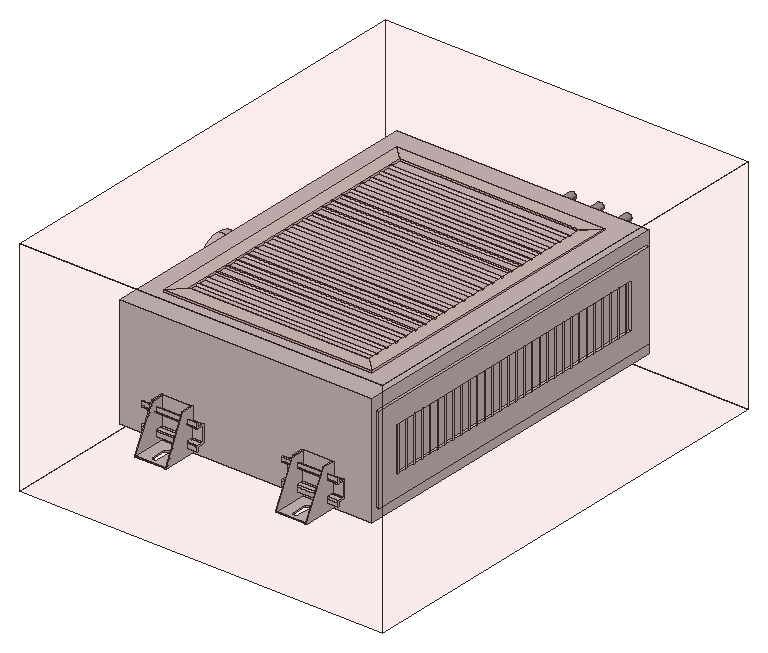
Revit family "York CB-ABB-YK - Horizontal Throw, Bulkhead Mounted Active Chilled Beam,Face Base, Revit 2015 R1.0", category Mechanical Equipment, host Face, Revit 2015 (continued)
Definition of nested family "Perforated Grille Plate"
  Dimensions and locks (in)
    "Dia Of Hole": diameter of Extrusion 30 sketch curve
    "Dia Of Hole": diameter of Extrusion 31 sketch curve
    "Dia Of Hole": diameter of Extrusion 32 sketch curve
    "Dia Of Hole": diameter of Extrusion 33 sketch curve
    "Dia Of Hole": diameter of Extrusion 34 sketch curve
    "Dia Of Hole": diameter of Extrusion 35 sketch curve
    "Dia Of Hole": diameter of Extrusion 36 sketch curve
    "Dia Of Hole": diameter of Extrusion 37 sketch curve
    "Dia Of Hole": diameter of Extrusion 38 sketch curve
    "Dia Of Hole": diameter of Extrusion 39 sketch curve
    "Dia Of Hole": diameter of Extrusion 40 sketch curve
    "Dia Of Hole": diameter of Extrusion 41 sketch curve
    "Dia Of Hole": diameter of Extrusion 42 sketch curve
    "Dia Of Hole": diameter of Extrusion 43 sketch curve
    "Dia Of Hole": diameter of Extrusion 44 sketch curve
    "Dia Of Hole": diameter of Extrusion 45 sketch curve
    "Dia Of Hole": diameter of Extrusion 46 sketch curve
    "Dia Of Hole": diameter of Extrusion 47 sketch curve
    "Dia Of Hole": diameter of Extrusion 48 sketch curve
    "Dia Of Hole": diameter of Extrusion 49 sketch curve
    "Dia Of Hole": diameter of Extrusion 50 sketch curve
    "Dia Of Hole": diameter of Extrusion 51 sketch curve
    "Dia Of Hole": diameter of Extrusion 52 sketch curve
    "Dia Of Hole": diameter of Extrusion 53 sketch curve
    "Dia Of Hole": diameter of Extrusion 54 sketch curve
    "Dia Of Hole": diameter of Extrusion 55 sketch curve
    "Dia Of Hole": diameter of Extrusion 56 sketch curve
    "Dia Of Hole": diameter of Extrusion 57 sketch curve
    "Dia Of Hole": diameter of Extrusion 58 sketch curve
    "Dia Of Hole": diameter of Extrusion 59 sketch curve
    "Dia Of Hole": diameter of Extrusion 60 sketch curve
    "Dia Of Hole": diameter of Extrusion 61 sketch curve
    "Dia Of Hole": diameter of Extrusion 62 sketch curve
    "Dia Of Hole": diameter of Extrusion 63 sketch curve
    "Dia Of Hole": diameter of Extrusion 64 sketch curve
    "Dia Of Hole": diameter of Extrusion 65 sketch curve
    "Dia Of Hole": diameter of Extrusion 66 sketch curve
    "Dia Of Hole": diameter of Extrusion 67 sketch curve
    "Dia Of Hole": diameter of Extrusion 68 sketch curve
    "Dia Of Hole": diameter of Extrusion 69 sketch curve
    "Dia Of Hole": diameter of Extrusion 70 sketch curve
    "Dia Of Hole": diameter of Extrusion 71 sketch curve
    "Dia Of Hole": diameter of Extrusion 72 sketch curve
    "Dia Of Hole": diameter of Extrusion 73 sketch curve
    "Dia Of Hole": diameter of Extrusion 74 sketch curve
    "Dia Of Hole": diameter of Extrusion 75 sketch curve
    "Dia Of Hole": diameter of Extrusion 76 sketch curve
    "Dia Of Hole": diameter of Extrusion 77 sketch curve
    "Dia Of Hole": diameter of Extrusion 78 sketch curve
    "Dia Of Hole": diameter of Extrusion 79 sketch curve
    "Dia Of Hole": diameter of Extrusion 80 sketch curve
    "Dia Of Hole": diameter of Extrusion 81 sketch curve
    "Dia Of Hole": diameter of Extrusion 82 sketch curve
    "Dia Of Hole": diameter of Extrusion 83 sketch curve
    "Dia Of Hole": diameter of Extrusion 84 sketch curve
    "Dia Of Hole": diameter of Extrusion 85 sketch curve
    "Dia Of Hole": diameter of Extrusion 86 sketch curve
    "Dia Of Hole": diameter of Extrusion 87 sketch curve
    "Dia Of Hole": diameter of Extrusion 88 sketch curve
    "Dia Of Hole": diameter of Extrusion 89 sketch curve
    "Dia Of Hole": diameter of Extrusion 90 sketch curve
    "Dia Of Hole": diameter of Extrusion 91 sketch curve
    "Dia Of Hole": diameter of Extrusion 92 sketch curve
    "Dia Of Hole": diameter of Extrusion 93 sketch curve
    aligned and locked: plane 2 to level
    aligned and locked: plane 5 to Extrusion 2 sketch curve
    aligned and locked: plane 4 to Extrusion 2 sketch curve
    aligned and locked: Extrusion 1 to Extrusion 2
    aligned and locked: Extrusion 2 to level
    aligned and locked: plane 8 to Extrusion 5 sketch curve  (x10)
    aligned and locked: plane 9 to Extrusion 6 sketch curve
    aligned and locked: plane 4 to Extrusion 6 sketch curve
    aligned and locked: plane 9 to Extrusion 7 sketch curve
    aligned and locked: plane 6 to Extrusion 7 sketch curve
    aligned and locked: plane 5 to Extrusion 3 sketch curve
    aligned and locked: plane 6 to Extrusion 3 sketch curve
    aligned and locked: plane 5 to Extrusion 4 sketch curve
    aligned and locked: plane 7 to Extrusion 4 sketch curve
    aligned and locked: plane 9 to Extrusion 8 sketch curve
    aligned and locked: plane 7 to Extrusion 8 sketch curve
    aligned and locked: plane 11 to cut or joined group 1 (Extrusion 1, Extrusion 2, Extrusion 3, Extrusion 4, Extrusion 5, Extrusion 6, Extrusion 7, Extrusion 8, Extrusion 9, Extrusion 10, Extrusion 11, Extrusion 12, Extrusion 13, Extrusion 14, Extrusion 15, Extrusion 16, Extrusion 17, Extrusion 18, Extrusion 19, Extrusion 20, Extrusion 21, Extrusion 22, Extrusion 23, Extrusion 24, Extrusion 25, Extrusion 26, Extrusion 27, Extrusion 28, Extrusion 29, Extrusion 30, Extrusion 31, Extrusion 32, Extrusion 33, Extrusion 34, Extrusion 35, Extrusion 36, Extrusion 37, Extrusion 38, Extrusion 39, Extrusion 40, Extrusion 41, Extrusion 42, Extrusion 43, Extrusion 44, Extrusion 45, Extrusion 46, Extrusion 47, Extrusion 48, Extrusion 49, Extrusion 50, Extrusion 51, Extrusion 52, Extrusion 53, Extrusion 54, Extrusion 55, Extrusion 56, Extrusion 57, Extrusion 58, Extrusion 59, Extrusion 60, Extrusion 61, Extrusion 62, Extrusion 63, Extrusion 64, Extrusion 65, Extrusion 66, Extrusion 67, Extrusion 68, Extrusion 69, Extrusion 70, Extrusion 71, Extrusion 72, Extrusion 73, Extrusion 74, Extrusion 75, Extrusion 76, Extrusion 77, Extrusion 78, Extrusion 79, Extrusion 80, Extrusion 81, Extrusion 82, Extrusion 83, Extrusion 84, Extrusion 85, Extrusion 86, Extrusion 87, Extrusion 88, Extrusion 89, Extrusion 90, Extrusion 91, Extrusion 92, Extrusion 93)
    aligned and locked: plane 12 to cut or joined group 1
    aligned and locked: plane 13 to cut or joined group 1
    aligned and locked: cut or joined group 1 to plane 14
    aligned and locked: plane 5 to Extrusion 9 sketch curve
    aligned and locked: plane 15 to Extrusion 9 sketch curve
    aligned and locked: plane 5 to Extrusion 10 sketch curve
    aligned and locked: plane 16 to Extrusion 10 sketch curve
    aligned and locked: plane 9 to Extrusion 11 sketch curve
    aligned and locked: plane 15 to Extrusion 11 sketch curve
    aligned and locked: plane 9 to Extrusion 12 sketch curve
    aligned and locked: plane 16 to Extrusion 12 sketch curve
    aligned and locked: plane 17 to Extrusion 17 sketch curve
    aligned and locked: plane 16 to Extrusion 17 sketch curve
    aligned and locked: plane 17 to Extrusion 16 sketch curve
    aligned and locked: plane 15 to Extrusion 16 sketch curve
    aligned and locked: plane 17 to Extrusion 15 sketch curve
    aligned and locked: plane 7 to Extrusion 15 sketch curve
    aligned and locked: plane 17 to Extrusion 14 sketch curve
    aligned and locked: plane 6 to Extrusion 14 sketch curve
    aligned and locked: plane 17 to Extrusion 13 sketch curve
    aligned and locked: plane 4 to Extrusion 13 sketch curve
    aligned and locked: plane 23 to plane 1 "Center (Front/Back)"
    aligned and locked: plane 3 "Center (Left/Right)" to plane 21
    aligned and locked: plane 19 to Extrusion 18 sketch curve
    aligned and locked: plane 20 to Extrusion 18 sketch curve
    aligned and locked: plane 19 to Extrusion 19 sketch curve
    aligned and locked: plane 21 to Extrusion 19 sketch curve
    aligned and locked: plane 25 to Extrusion 29 sketch curve
    aligned and locked: plane 19 to Extrusion 29 sketch curve
    aligned and locked: plane 22 to Extrusion 30 sketch curve
    aligned and locked: plane 22 to Extrusion 22 sketch curve
    aligned and locked: plane 22 to Extrusion 21 sketch curve
    aligned and locked: plane 22 to Extrusion 20 sketch curve
    aligned and locked: plane 23 to Extrusion 23 sketch curve
    aligned and locked: plane 18 to Extrusion 23 sketch curve
    aligned and locked: plane 23 to Extrusion 24 sketch curve
    aligned and locked: plane 20 to Extrusion 24 sketch curve
    aligned and locked: plane 23 to Extrusion 25 sketch curve
    aligned and locked: plane 21 to Extrusion 25 sketch curve
    aligned and locked: plane 23 to Extrusion 31 sketch curve
    aligned and locked: plane 25 to Extrusion 31 sketch curve
    aligned and locked: plane 23 to Extrusion 32 sketch curve
    aligned and locked: plane 26 to Extrusion 32 sketch curve
    aligned and locked: plane 24 to Extrusion 33 sketch curve
    aligned and locked: plane 24 to Extrusion 28 sketch curve
    aligned and locked: plane 24 to Extrusion 27 sketch curve
    aligned and locked: plane 24 to Extrusion 26 sketch curve
    aligned and locked: plane 20 to Extrusion 34 sketch curve
    aligned and locked: plane 27 to Extrusion 34 sketch curve
    aligned and locked: plane 27 to Extrusion 35 sketch curve
    aligned and locked: plane 21 to Extrusion 35 sketch curve
    aligned and locked: plane 27 to Extrusion 36 sketch curve
    aligned and locked: plane 25 to Extrusion 36 sketch curve
    aligned and locked: plane 5 to Extrusion 37 sketch curve
    aligned and locked: plane 28 to Extrusion 37 sketch curve
    aligned and locked: plane 9 to Extrusion 38 sketch curve
    aligned and locked: plane 28 to Extrusion 38 sketch curve
    aligned and locked: plane 17 to Extrusion 39 sketch curve
    aligned and locked: plane 28 to Extrusion 39 sketch curve
    aligned and locked: Extrusion 32 to level
    aligned and locked: Extrusion 36 to level
    aligned and locked: Extrusion 33 to level
    aligned and locked: Extrusion 31 to level
    aligned and locked: Extrusion 30 to level
    aligned and locked: Extrusion 29 to level
    aligned and locked: Extrusion 35 to level
    aligned and locked: Extrusion 28 to level
    aligned and locked: Extrusion 25 to level
    aligned and locked: Extrusion 22 to level
    aligned and locked: Extrusion 19 to level
    aligned and locked: Extrusion 34 to level
    aligned and locked: Extrusion 27 to level
    aligned and locked: Extrusion 24 to level
    aligned and locked: Extrusion 21 to level
    aligned and locked: Extrusion 18 to level
    aligned and locked: Extrusion 26 to level
    aligned and locked: Extrusion 23 to level
    aligned and locked: Extrusion 20 to level
    aligned and locked: Extrusion 39 to level
    aligned and locked: Extrusion 38 to level
    aligned and locked: Extrusion 37 to level
    aligned and locked: Extrusion 17 to level
    aligned and locked: Extrusion 12 to level
    aligned and locked: Extrusion 10 to level
    aligned and locked: Extrusion 16 to level
    aligned and locked: Extrusion 11 to level
    aligned and locked: Extrusion 9 to level
    aligned and locked: Extrusion 15 to level
    aligned and locked: Extrusion 8 to level
    aligned and locked: Extrusion 4 to level
    aligned and locked: Extrusion 14 to level
    aligned and locked: Extrusion 7 to level
    aligned and locked: Extrusion 3 to level
    aligned and locked: Extrusion 6 to level
    aligned and locked: Extrusion 5 to level
    aligned and locked: plane 4 to Extrusion 40 sketch curve
    aligned and locked: plane 31 to Extrusion 40 sketch curve
    aligned and locked: plane 6 to Extrusion 41 sketch curve
    aligned and locked: plane 31 to Extrusion 41 sketch curve
    aligned and locked: plane 7 to Extrusion 42 sketch curve
    aligned and locked: plane 31 to Extrusion 42 sketch curve
    aligned and locked: plane 15 to Extrusion 46 sketch curve
    aligned and locked: plane 31 to Extrusion 46 sketch curve
    aligned and locked: plane 31 to Extrusion 47 sketch curve
    aligned and locked: plane 16 to Extrusion 47 sketch curve
    aligned and locked: plane 31 to Extrusion 55 sketch curve
    aligned and locked: plane 28 to Extrusion 55 sketch curve
    aligned and locked: plane 33 to Extrusion 43 sketch curve
    aligned and locked: plane 4 to Extrusion 43 sketch curve
    aligned and locked: plane 6 to Extrusion 44 sketch curve
    aligned and locked: plane 33 to Extrusion 44 sketch curve
    aligned and locked: plane 33 to Extrusion 45 sketch curve
    aligned and locked: plane 7 to Extrusion 45 sketch curve
    aligned and locked: plane 15 to Extrusion 48 sketch curve
    aligned and locked: plane 33 to Extrusion 48 sketch curve
    aligned and locked: plane 16 to Extrusion 49 sketch curve
    aligned and locked: plane 33 to Extrusion 49 sketch curve
    aligned and locked: plane 33 to Extrusion 56 sketch curve
    aligned and locked: plane 28 to Extrusion 56 sketch curve
    aligned and locked: plane 35 to Extrusion 50 sketch curve
    aligned and locked: plane 4 to Extrusion 50 sketch curve
    aligned and locked: plane 35 to Extrusion 51 sketch curve
    aligned and locked: plane 6 to Extrusion 51 sketch curve
    aligned and locked: plane 7 to Extrusion 52 sketch curve
    aligned and locked: plane 35 to Extrusion 52 sketch curve
    aligned and locked: plane 15 to Extrusion 53 sketch curve
    aligned and locked: plane 35 to Extrusion 53 sketch curve
    aligned and locked: plane 16 to Extrusion 54 sketch curve
    aligned and locked: plane 35 to Extrusion 54 sketch curve
    aligned and locked: plane 35 to Extrusion 57 sketch curve
    aligned and locked: plane 28 to Extrusion 57 sketch curve
    aligned and locked: plane 36 to Extrusion 58 sketch curve
    aligned and locked: plane 36 to Extrusion 61 sketch curve
    aligned and locked: plane 37 to Extrusion 62 sketch curve
    aligned and locked: plane 37 to Extrusion 59 sketch curve
    aligned and locked: plane 38 to Extrusion 60 sketch curve
    aligned and locked: plane 38 to Extrusion 63 sketch curve
    aligned and locked: plane 39 to Extrusion 64 sketch curve
    aligned and locked: plane 40 to Extrusion 65 sketch curve
    aligned and locked: plane 39 to Extrusion 66 sketch curve
    aligned and locked: plane 40 to Extrusion 67 sketch curve
    aligned and locked: plane 40 to Extrusion 72 sketch curve
    aligned and locked: plane 39 to Extrusion 71 sketch curve
    aligned and locked: plane 38 to Extrusion 70 sketch curve
    aligned and locked: plane 37 to Extrusion 69 sketch curve
    aligned and locked: plane 36 to Extrusion 68 sketch curve
    aligned and locked: plane 41 to Extrusion 73 sketch curve
    aligned and locked: plane 41 to Extrusion 74 sketch curve
    aligned and locked: plane 41 to Extrusion 75 sketch curve
    aligned and locked: plane 36 to Extrusion 76 sketch curve
    aligned and locked: plane 37 to Extrusion 77 sketch curve
    aligned and locked: plane 38 to Extrusion 78 sketch curve
    aligned and locked: plane 39 to Extrusion 82 sketch curve
    aligned and locked: plane 40 to Extrusion 83 sketch curve
    aligned and locked: plane 41 to Extrusion 91 sketch curve
    aligned and locked: plane 36 to Extrusion 79 sketch curve
    aligned and locked: plane 37 to Extrusion 80 sketch curve
    aligned and locked: plane 38 to Extrusion 81 sketch curve
    aligned and locked: plane 39 to Extrusion 84 sketch curve
    aligned and locked: plane 40 to Extrusion 85 sketch curve
    aligned and locked: plane 41 to Extrusion 92 sketch curve
    aligned and locked: plane 36 to Extrusion 86 sketch curve
    aligned and locked: plane 37 to Extrusion 87 sketch curve
    aligned and locked: plane 38 to Extrusion 88 sketch curve
    aligned and locked: plane 39 to Extrusion 89 sketch curve
    aligned and locked: plane 40 to Extrusion 90 sketch curve
    aligned and locked: plane 41 to Extrusion 93 sketch curve
    aligned and locked: plane 5 to Extrusion 58 sketch curve
    aligned and locked: plane 5 to Extrusion 59 sketch curve
    aligned and locked: plane 5 to Extrusion 60 sketch curve
    aligned and locked: plane 5 to Extrusion 64 sketch curve
    aligned and locked: plane 5 to Extrusion 65 sketch curve
    aligned and locked: plane 5 to Extrusion 73 sketch curve
    aligned and locked: plane 9 to Extrusion 61 sketch curve
    aligned and locked: plane 9 to Extrusion 62 sketch curve
    aligned and locked: plane 9 to Extrusion 63 sketch curve
    aligned and locked: plane 9 to Extrusion 66 sketch curve
    aligned and locked: plane 9 to Extrusion 67 sketch curve
    aligned and locked: plane 9 to Extrusion 74 sketch curve
    aligned and locked: plane 17 to Extrusion 68 sketch curve
    aligned and locked: plane 17 to Extrusion 69 sketch curve
    aligned and locked: plane 17 to Extrusion 70 sketch curve
    aligned and locked: plane 17 to Extrusion 71 sketch curve
    aligned and locked: plane 17 to Extrusion 72 sketch curve
    aligned and locked: plane 17 to Extrusion 75 sketch curve
    aligned and locked: plane 31 to Extrusion 91 sketch curve
    aligned and locked: plane 31 to Extrusion 83 sketch curve
    aligned and locked: plane 31 to Extrusion 82 sketch curve
    aligned and locked: plane 31 to Extrusion 78 sketch curve
    aligned and locked: plane 31 to Extrusion 77 sketch curve
    aligned and locked: plane 31 to Extrusion 76 sketch curve
    aligned and locked: plane 33 to Extrusion 92 sketch curve
    aligned and locked: plane 33 to Extrusion 85 sketch curve
    aligned and locked: plane 33 to Extrusion 84 sketch curve
    aligned and locked: plane 33 to Extrusion 81 sketch curve
    aligned and locked: plane 33 to Extrusion 80 sketch curve
    aligned and locked: plane 33 to Extrusion 79 sketch curve
    aligned and locked: plane 35 to Extrusion 93 sketch curve
    aligned and locked: plane 35 to Extrusion 90 sketch curve
    aligned and locked: plane 35 to Extrusion 89 sketch curve
    aligned and locked: plane 35 to Extrusion 88 sketch curve
    aligned and locked: plane 35 to Extrusion 87 sketch curve
    aligned and locked: plane 35 to Extrusion 86 sketch curve
    aligned and locked: plane 42 to Extrusion 5 sketch curve  (x4)
    aligned and locked: plane 53 to cut or joined group 1
    aligned and locked: plane 54 to cut or joined group 1  (x2)
    aligned and locked: plane 55 to cut or joined group 1
    aligned and locked: plane 53 to Extrusion 20 sketch curve
    aligned and locked: plane 54 to Extrusion 21 sketch curve
    aligned and locked: plane 55 to Extrusion 22 sketch curve
    aligned and locked: plane 56 to Extrusion 30 sketch curve
    aligned and locked: plane 53 to Extrusion 26 sketch curve
    aligned and locked: plane 54 to Extrusion 27 sketch curve
    aligned and locked: plane 55 to Extrusion 28 sketch curve
    aligned and locked: plane 56 to Extrusion 33 sketch curve
    aligned and locked: cut or joined group 1 to plane 2  (x24)
    aligned and locked: cut or joined group 1 to level  (x32)
    aligned and locked: plane 46 to Extrusion 5 sketch curve  (x4)
    aligned and locked: plane 45 to Extrusion 5 sketch curve  (x4)
    aligned and locked: plane 44 to Extrusion 5 sketch curve  (x4)
    aligned and locked: plane 43 to Extrusion 5 sketch curve  (x4)
    aligned and locked: plane 10 to Extrusion 5 sketch curve  (x9)
    aligned and locked: plane 32 to Extrusion 5 sketch curve  (x10)
    aligned and locked: plane 34 to Extrusion 5 sketch curve  (x10)
    aligned and locked: plane 51 to Extrusion 5 sketch curve  (x4)
    aligned and locked: plane 50 to Extrusion 5 sketch curve  (x4)
    aligned and locked: plane 49 to Extrusion 5 sketch curve  (x4)
    aligned and locked: plane 48 to Extrusion 5 sketch curve  (x4)
    aligned and locked: plane 47 to Extrusion 5 sketch curve  (x4)
  Automatic sketch dimensions
    Extrusion 5 sketch curve to Extrusion 5 sketch curve = 0"
Definition of nested family "Model Name"
  Parameters (values of type "Model Name")
    Width = 47/64"
    Model Name = "Enter Tag Here"
  Reference planes (in)
    plane 1: y = 0
    plane 2: x = 0
  Text (in)
    label "XX" at (-0.00532, -0.00012, 0), shows "Model Name"
Definition of nested family "Arrow - (Show Direction)"
  Parameters (values of type "Arrow")
    Arrow Hatch Yes/No [instance] = yes
  Reference planes (in)
    plane 1 "Center (Front/Back)": y = 0
    plane 2: z = 0
    plane 3 "Center (Left/Right)": x = 0
  Lines and regions (in)
    Filled region 1, type "Solid Fill - RGB 192-192-192", in view "Ref. Level", visible <- "Arrow Hatch Yes/No", detail levels coarse
      outline origin (0, -10.07266, 0) x (0, 1, 0) y (-1, 0, 0)
        loop
          line (9.84252, 2.53887) -> (9.84252, 0.49213)
          arc (9.84252, 0.49213) -> (9.81205, 0.42573) -> (9.74422, 0.39862) r 0.09843
          line (9.74422, 0.39862) -> (6.00381, 0.58564)
          arc (6.00381, 0.58564) -> (5.93598, 0.55852) -> (5.90551, 0.49213) r 0.09843
          line (5.90551, 0.49213) -> (5.90551, -0.49213)
          arc (5.90551, -0.49213) -> (5.93598, -0.55852) -> (6.00381, -0.58564) r 0.09843
          line (6.00381, -0.58564) -> (9.74422, -0.39862)
          arc (9.74422, -0.39862) -> (9.81205, -0.42573) -> (9.84252, -0.49213) r 0.09843
          line (9.84252, -0.49213) -> (9.84252, -2.53887)
          arc (9.84252, -2.53887) -> (9.87183, -2.58685) -> (9.92803, -2.58855) r 0.05906
          line (9.92803, -2.58855) -> (14.12654, -0.19495)
          arc (14.12654, -0.19495) -> (14.23981, 0) -> (14.12654, 0.19495) r 0.22441
          line (14.12654, 0.19495) -> (9.92803, 2.58855)
          arc (9.92803, 2.58855) -> (9.87183, 2.58685) -> (9.84252, 2.53887) r 0.05906
    detail lines, in view "Ref. Level", detail levels coarse
      curve 1: line (-0.19495, 4.05388, 0) -> (-2.58855, -0.14464, 0)
      curve 2: line (0.19495, 4.05388, 0) -> (2.58855, -0.14464, 0)
      curve 3: line (-2.53887, -0.23014, 0) -> (-0.49213, -0.23014, 0)
      curve 4: line (0.49213, -0.23014, 0) -> (2.53887, -0.23014, 0)
      curve 5: line (-0.39862, -0.32844, 0) -> (-0.58564, -4.06885, 0)
      curve 6: line (-0.49213, -4.16715, 0) -> (0.49213, -4.16715, 0)
      curve 7: line (0.58564, -4.06885, 0) -> (0.39862, -0.32844, 0)
      curve 8: arc (-2.53887, -0.23014, 0) -> (-2.58685, -0.20083, 0) -> (-2.58855, -0.14464, 0) r 0.05906
      curve 9: arc (2.53887, -0.23014, 0) -> (2.58685, -0.20083, 0) -> (2.58855, -0.14464, 0) r 0.05906
      curve 10: arc (-0.39862, -0.32844, 0) -> (-0.42573, -0.26061, 0) -> (-0.49213, -0.23014, 0) r 0.09843
      curve 11: arc (0.39862, -0.32844, 0) -> (0.42573, -0.26061, 0) -> (0.49213, -0.23014, 0) r 0.09843
      curve 12: arc (-0.58564, -4.06885, 0) -> (-0.55852, -4.13668, 0) -> (-0.49213, -4.16715, 0) r 0.09843
      curve 13: arc (0.58564, -4.06885, 0) -> (0.55852, -4.13668, 0) -> (0.49213, -4.16715, 0) r 0.09843
      curve 14: arc (0.19495, 4.05388, 0) -> (0, 4.16715, 0) -> (-0.19495, 4.05388, 0) r 0.22441
